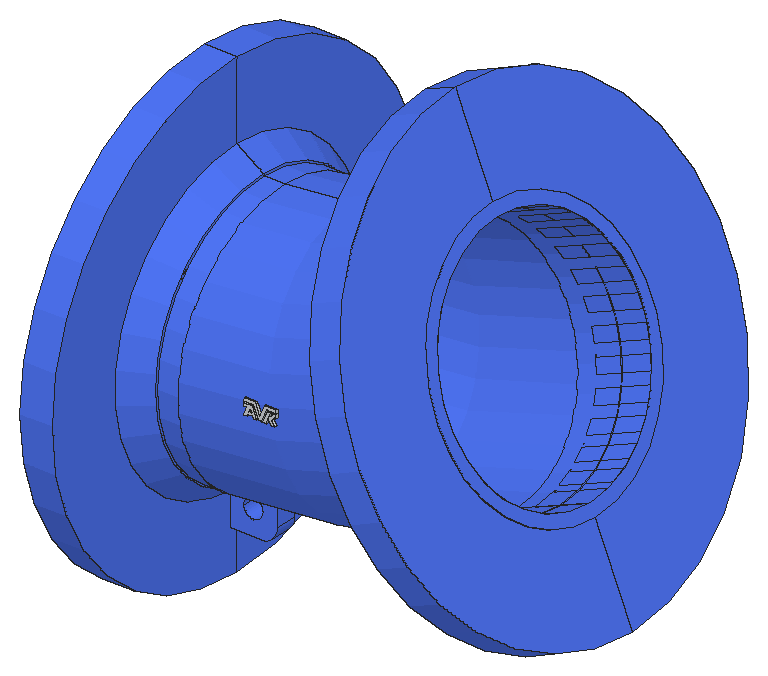
Revit family "712-0220-001-DN150", category Pipe Fittings, Revit 2019
Family settings
  Round Connector Dimension = Use Diameter
  Part Type = Elbow
  Work Plane-Based = No
  Always vertical = Yes
  Cut with Voids When Loaded = No
  Shared = No
Parameters (values of type "DN150_PN10/16")
  Rf_Dia = 105.5 mm
  RF_Thick = 4 mm
  L_Ref = 100 mm
  L = 160 mm
  ID(Radius) = [Nominal Diameter(DN)] / 2  # 75 mm
  Flange_thickness = 20 mm  # constant formula
  Nominal Diameter(DN) = 150 mm
  FOD = 142.5 mm
  URL product pages = "https://www.avkvalves.com/P.aspx?no=712012502201"
  Description_ = "AVK FLANGED BEND 22.5° W/LOOSE FLANGES"
  DN150_PN10/16 = yes
  DN 150_PN10/16 = "712-0150-02-201"
  Body_wallthickness = 15 mm + [Nominal Diameter(DN)]  # 165 mm
  A = 22.50°  # constant formula
Reference planes
  plane 1 "Center (Front/Back)": y = 0
  plane 2: z = 0
  plane 3 "Center (Left/Right)": x = 0
  plane 4: x = 109
  plane 5: through (109, -1524, 0) normal (0.9239, 0, 0.3827)
  plane 6: through (209.703, -1524, 41.712) normal (0.9239, 0, 0.3827)
  plane 7: through (109, -1524, 0) normal (-0.3827, 0, 0.9239)
Forms (mm)
  Sweep 1, solid, material "Plastic"
    path origin (0, 0, 0) x (1, 0, 0) y (0, 0, -1)
      loop
        line (0, 0) -> (49.326, 0)
        arc (49.326, 0) -> (107.853, -5.764) -> (164.131, -22.836) r 300
        line (164.131, -22.836) -> (209.703, -41.712)
    profile origin (24.663, 0, 0) x (0, 0, 1) y (0, -1, 0)
      loop
        circle (0, 0) r 75
      loop
        circle (0, 0) r 82.5
  Revolve 2, solid, material "Plastic"
    sketch origin (0, 0, 0) x (1, 0, 0) y (0, 0, -1)
      loop
        line (0, 75) -> (20, 75) -> (20, 142.5) -> (0, 142.5) -> (0, 75)
      axis (0, 0) -> (20, 0)
    angle from 0 to 360
  Revolve 3, solid, material "Plastic"
    sketch origin (0, 0, 0) x (1, 0, 0) y (0, 0, -1)
      loop
        line (238.404, 27.578) -> (264.235, 89.94) -> (245.758, 97.594) -> (219.927, 35.232) -> (238.404, 27.578)
      axis (191.225, -34.059) -> (209.703, -41.712)
    angle from 0 to 360
  Revolve 4, solid, material "Plastic"
    sketch origin (0, 0, 0) x (1, 0, 0) y (0, 0, -1)
      loop
        line (20, 75) -> (36.383, 75) -> (36.383, 83.528) -> (20, 95) -> (20, 75)
      axis (20, 0) -> (36.383, 0)
    angle from 0 to 360
  Revolve 5, solid, material "Plastic"
    sketch origin (0, 0, 0) x (1, 0, 0) y (0, 0, -1)
      loop
        line (219.927, 35.232) -> (227.58, 53.71) -> (207.884, 50.237) -> (204.343, 41.687) -> (219.927, 35.232)
      axis (175.641, -27.604) -> (191.225, -34.059)
    angle from 0 to 360
  Extrusion 6, solid, material "Plastic"
    sketch origin (0, 0, 0) x (1, 0, 0) y (0, 0, 1)
      loop
        line (20, -75) -> (20, -115) -> (40, -115)
        arc (40, -115) -> (47.071, -112.071) -> (50, -105) r 10
        line (50, -105) -> (50, -75) -> (20, -75)
      loop
        circle (35.063, -99.58) r 6
    from -6.056 to 6.056
Dimensions and locks
  locked: plane 4 to plane 3 "Center (Left/Right)" at 109
  plane 5 to Sweep 1 = 109 mm
  "Flange_thickness": Revolve 2 sketch curve to plane 3 "Center (Left/Right)"
  "ID(Radius)": Revolve 3 sketch curve to plane 7
  "Flange_thickness": Sweep 1 to Revolve 3 sketch curve
  "FOD": Revolve 3 sketch curve to plane 7
  locked: Revolve 2 to Revolve 4 sketch curve at 16.383
  locked: Revolve 5 sketch curve to Revolve 3 at 16.868
  locked: Revolve 5 sketch curve to plane 7 at 75
  locked: Revolve 5 sketch curve to plane 7 at 95
  locked: Revolve 5 sketch curve to plane 7 at 84.254
  Extrusion 6 sketch curve to Revolve 2 = 50 mm
  locked: level to Extrusion 6 sketch curve at 115
  locked: level to Extrusion 6 sketch curve at 75
  equal spacing: Extrusion 6, plane 1 "Center (Front/Back)", Extrusion 6
  locked: Extrusion 6 to Extrusion 6 at 12.111
  "ID(Radius)": radius of Sweep 1 sketch curve
  "Body_wallthickness": diameter of Sweep 1 sketch curve
  "A": angle plane 4 to plane 5
  locked: plane 3 "Center (Left/Right)" to Sweep 1 (angle 22.50°)
  aligned and locked: level to plane 2
  aligned and locked: Sweep 1 sketch curve to plane 3 "Center (Left/Right)"
  aligned and locked: plane 6 to Sweep 1 sketch curve
  aligned and locked: Revolve 2 sketch curve to Sweep 1  (x2)
  aligned and locked: Revolve 3 sketch curve to Sweep 1
  aligned and locked: plane 7 to Revolve 3 sketch curve
  aligned and locked: Revolve 4 sketch curve to Revolve 2  (x2)
  aligned and locked: Revolve 5 sketch curve to Revolve 3
  aligned and locked: plane 7 to Revolve 5 sketch curve
  aligned and locked: Revolve 2 to Extrusion 6 sketch curve
Automatic sketch dimensions
  Sweep 1 sketch curve to plane 7 = 0 mm  (x2)
  Sweep 1 sketch curve to plane 3 "Center (Left/Right)" = 49.326 mm
  Sweep 1 sketch curve to Sweep 1 sketch curve = 45.572 mm
  Sweep 1 sketch curve to Sweep 1 sketch curve = 277.164 mm
  Revolve 4 sketch curve to Revolve 4 sketch curve = 8.528 mm
  Revolve 4 sketch curve to Revolve 4 sketch curve = 11.472 mm
  Revolve 4 sketch curve to plane 3 "Center (Left/Right)" = 30 mm
  Revolve 4 sketch curve to Revolve 4 sketch curve = 75 mm
  Revolve 5 sketch curve to plane 6 = 0 mm
  Revolve 5 sketch curve to Revolve 5 sketch curve = 18.478 mm
  level to Revolve 4 sketch curve = 75 mm
  Extrusion 6 sketch curve to Extrusion 6 sketch curve = 4.937 mm
  Extrusion 6 sketch curve to Extrusion 6 sketch curve = 10 mm
  Extrusion 6 sketch curve to Extrusion 6 sketch curve = 5.42 mm
  Sweep 1 sketch curve to Sweep 1 sketch curve = 0 mm  (x2)
  Sweep 1 sketch curve to plane 1 "Center (Front/Back)" = 0 mm
  profile plane to Sweep 1 sketch curve = 0 mm
  Revolve 2 sketch curve to level = 0 mm
  level to Revolve 2 sketch curve = 75 mm
  Revolve 2 sketch curve to Revolve 2 sketch curve = 67.5 mm
  Revolve 2 sketch curve to plane 3 "Center (Left/Right)" = 25 mm
  Revolve 3 sketch curve to plane 6 = 0 mm
  Revolve 3 sketch curve to level = 34.059 mm
  radius of Extrusion 6 sketch curve = 6 mm
Nested families
  nested 1: "Latest New" at (100.891, -82.486, 5.982) x (1, -0.0031, 0.0001) z (-0.0031, -0.9998, 0.0178), type "Latest New"
Connectors
  piping at (209.703, 0, 41.712), diameter 150, driven by "Nominal Diameter(DN)"
    settings: on Revolve 3, index 1, connector inside diameter 609.6 mm, connector length 0 mm, flow factor 0, pipe flow 0.0 L/s, pressure drop 0.0 Pa, fitting loss kfactor 0, connector angle 0.00°, fixture units 0, engagement length 0 mm, angle of deflection 0.00°, flow configuration 0, flow direction 0, fitting loss method 0, system type 7, joint type 0, gender type 0, connector reference index -1, connector utility 0, adjustable connector no, is connector primary yes, connector description ""
  piping at (0, 0, 0), diameter 150, driven by "Nominal Diameter(DN)"
    settings: on Revolve 2, index 2, connector inside diameter 609.6 mm, connector length 0 mm, flow factor 0, pipe flow 0.0 L/s, pressure drop 0.0 Pa, fitting loss kfactor 0, connector angle 0.00°, fixture units 0, engagement length 0 mm, angle of deflection 0.00°, flow configuration 0, flow direction 0, fitting loss method 0, system type 7, joint type 0, gender type 0, connector reference index -1, connector utility 0, adjustable connector no, is connector primary no, connector description ""
Definition of nested family "Latest New"
  Parameters
    Default Elevation = 1219.2 mm
  Reference planes
    plane 1 "Center (Front/Back)": y = 0
    plane 2: z = 0
    plane 3 "Center (Left/Right)": x = 0
  Forms (mm)
    Extrusion 1, solid
      sketch origin (0, 0, 0) x (1, 0, 0) y (0, 1, 0)
        loop
          line (-1219.2, 1219.2) -> (-1219.2, -1219.2) -> (1219.2, -1219.2) -> (1219.2, 1219.2) -> (-1219.2, 1219.2)
      from 0 to -304.8
    Extrusion 2, solid
      sketch origin (0, 0, 0) x (1, 0, 0) y (0, 1, 0)
        loop
          line (-2.683, 9.413) -> (-9.884, 9.413) -> (-9.884, 7.46) -> (-4.022, 7.46) -> (-0.985, 0) -> (0.985, 0) -> (4.022, 7.46) -> (9.884, 7.46) -> (9.884, 9.413) -> (2.683, 9.413) -> (0, 2.824) -> (-2.683, 9.413)
        loop
          line (-4.528, 6.707) -> (-9.884, 6.707) -> (-9.884, 4.824) -> (-8.032, 4.824) -> (-9.884, 0) -> (-7.792, 0) -> (-7.394, 1.035) -> (-4.328, 1.035) -> (-3.907, 0) -> (-1.798, 0) -> (-4.528, 6.707)
        loop
          line (-6.91, 2.824) -> (-5.056, 2.824) -> (-6.01, 5.167) -> (-6.91, 2.824)
        loop
          line (1.798, 0) -> (3.907, 0) -> (4.98, 2.637) -> (6.968, 0) -> (9.413, 0) -> (7.166, 2.983)
          arc (7.166, 2.983) -> (8.216, 3.774) -> (9.007, 4.824) r 4.724
          line (9.007, 4.824) -> (9.884, 4.824) -> (9.884, 6.707) -> (8.001, 6.707)
          arc (8.001, 6.707) -> (7.315, 5.008) -> (5.642, 4.261) r 2.448
          line (5.642, 4.261) -> (6.637, 6.707) -> (4.528, 6.707) -> (1.798, 0)
      from 0 to 1
  Dimensions and locks
    aligned and locked: plane 2 to Extrusion 1
    aligned and locked: level to Extrusion 1
    aligned and locked: Extrusion 2 sketch curve to import instance  (x30)
